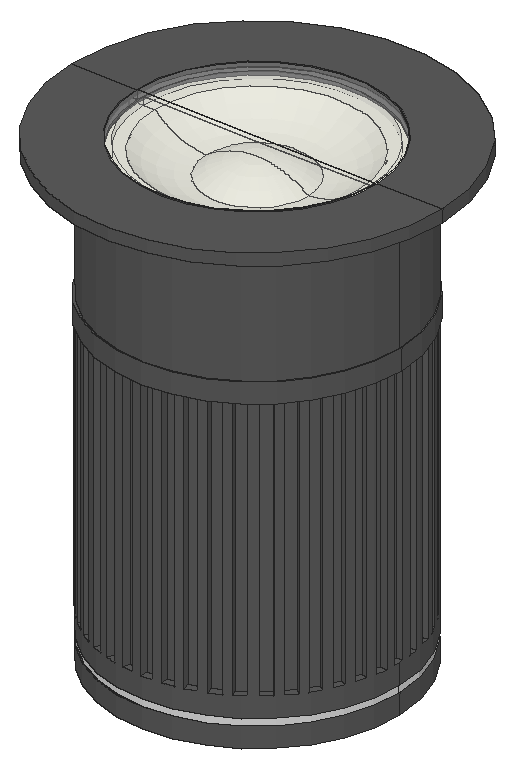
Revit family "STH7706_30", category Luminárias, Revit 2023 (continued)
Automatic sketch dimensions
  Extrusion 2 sketch curve to Extrusion 2 sketch curve = 0.001513 m
  Extrusion 2 sketch curve to Extrusion 2 sketch curve = 0.001473 m
  Extrusion 2 sketch curve to Extrusion 2 sketch curve = 0.001013 m  (x2)
  Extrusion 2 sketch curve to Extrusion 2 sketch curve = 0.001083 m
  Extrusion 2 sketch curve to Extrusion 2 sketch curve = 0.001078 m
  Extrusion 2 sketch curve to Extrusion 2 sketch curve = 0.001157 m
  Extrusion 2 sketch curve to Extrusion 2 sketch curve = 0.00134 m
  Extrusion 2 sketch curve to Extrusion 2 sketch curve = 0.001082 m
  Extrusion 2 sketch curve to Extrusion 2 sketch curve = 0.001292 m
  Extrusion 2 sketch curve to Extrusion 2 sketch curve = 0.000947 m
  Extrusion 2 sketch curve to Extrusion 2 sketch curve = 0.001179 m
  Extrusion 2 sketch curve to Extrusion 2 sketch curve = 0.000866 m
  Extrusion 2 sketch curve to Extrusion 2 sketch curve = 0.001235 m
  Extrusion 2 sketch curve to Extrusion 2 sketch curve = 0.001012 m
  Extrusion 2 sketch curve to Extrusion 2 sketch curve = 0.000792 m
  Extrusion 2 sketch curve to Extrusion 2 sketch curve = 0.000925 m
  Extrusion 2 sketch curve to Extrusion 2 sketch curve = 0.001321 m
  Extrusion 2 sketch curve to Extrusion 2 sketch curve = 0.000703 m
  Extrusion 2 sketch curve to Extrusion 2 sketch curve = 0.000846 m
  Extrusion 2 sketch curve to Extrusion 2 sketch curve = 0.00086 m
  Extrusion 2 sketch curve to Extrusion 2 sketch curve = 0.000622 m
  Extrusion 2 sketch curve to Extrusion 2 sketch curve = 0.000525 m
  Extrusion 2 sketch curve to Extrusion 2 sketch curve = 0.000679 m
  Extrusion 2 sketch curve to Extrusion 2 sketch curve = 0.001438 m
  Extrusion 2 sketch curve to Extrusion 2 sketch curve = 0.00044 m
  Extrusion 2 sketch curve to Extrusion 2 sketch curve = 0.001475 m
  Extrusion 2 sketch curve to Extrusion 2 sketch curve = 0.000338 m
  Extrusion 2 sketch curve to Extrusion 2 sketch curve = 0.000664 m
  Extrusion 2 sketch curve to Extrusion 2 sketch curve = 0.000426 m
  Extrusion 2 sketch curve to Extrusion 2 sketch curve = 0.000362 m
  Extrusion 2 sketch curve to Extrusion 2 sketch curve = 0.000249 m
  Extrusion 2 sketch curve to Extrusion 2 sketch curve = 0.000144 m
  Extrusion 2 sketch curve to Extrusion 2 sketch curve = 0.000165 m
  Extrusion 2 sketch curve to Extrusion 2 sketch curve = 0.000561 m
  Extrusion 2 sketch curve to Extrusion 2 sketch curve = 0.000053 m
  Extrusion 2 sketch curve to Extrusion 2 sketch curve = 0.001527 m
  Extrusion 2 sketch curve to Extrusion 2 sketch curve = 0.001553 m
  Extrusion 2 sketch curve to Extrusion 2 sketch curve = 0.00047 m
  Extrusion 2 sketch curve to Extrusion 2 sketch curve = 0.000361 m
  Extrusion 2 sketch curve to Extrusion 2 sketch curve = 0.001586 m
  Extrusion 2 sketch curve to Extrusion 2 sketch curve = 0.001601 m
  Extrusion 2 sketch curve to Extrusion 2 sketch curve = 0.000266 m
  Extrusion 2 sketch curve to Extrusion 2 sketch curve = 0.000154 m
  Extrusion 2 sketch curve to Extrusion 2 sketch curve = 0.000056 m
  Revolve 3 sketch curve to plane 3 "Centro (Esquerda/Direita)" = 0 m
  Revolve 3 sketch curve to plane 7 = 0.00893 m
  Revolve 3 sketch curve to Revolve 3 sketch curve = 0.002706 m
  plane 9 "Inferior" to Revolve 3 sketch curve = 0.0035 m
  Revolve 3 sketch curve to Revolve 3 sketch curve = 0.0012 m
  Revolve 3 sketch curve to plane 9 "Inferior" = 0.0015 m
  plane 9 "Inferior" to Revolve 3 sketch curve = 0.0085 m
  Revolve 4 sketch curve to plane 3 "Centro (Esquerda/Direita)" = 0 m
  Revolve 4 sketch curve to plane 7 = 0.00893 m
  Revolve 4 sketch curve to Revolve 4 sketch curve = 0.0013 m
  plane 9 "Inferior" to Revolve 4 sketch curve = 0.0035 m
  Revolve 4 sketch curve to Revolve 4 sketch curve = 0.0012 m
  plane 9 "Inferior" to Revolve 4 sketch curve = 0.001506 m
  Revolve 4 sketch curve to Revolve 4 sketch curve = 0.003194 m
  Revolve 6 sketch curve to plane 3 "Centro (Esquerda/Direita)" = 0 m  (x2)
  Revolve 6 sketch curve to plane 8 = 0 m
  Revolve 6 sketch curve to level = 0.0001 m
  Revolve 6 sketch curve to plane 7 = 0.0126 m
  Revolve 6 sketch curve to Revolve 6 sketch curve = 0.001 m
  Revolve 6 sketch curve to plane 7 = 0.01155 m
  level to Revolve 6 sketch curve = 0.0005 m
  Revolve 6 sketch curve to Revolve 6 sketch curve = 0.00135 m
  Revolve 6 sketch curve to Revolve 6 sketch curve = 0.0149 m
  Revolve 6 sketch curve to plane 8 = 0.0008 m
  Revolve 6 sketch curve to level = 0.017536 m
  plane 8 to Revolve 6 sketch curve = 0.001674 m
  Revolve 7 sketch curve to plane 3 "Centro (Esquerda/Direita)" = 0 m  (x2)
  Revolve 7 sketch curve to level = 0 m
  Revolve 7 sketch curve to plane 3 "Centro (Esquerda/Direita)" = 0.000804 m
  Revolve 7 sketch curve to Revolve 7 sketch curve = 0.006 m
  Revolve 7 sketch curve to Revolve 7 sketch curve = 0.0015 m  (x2)
  plane 3 "Centro (Esquerda/Direita)" to Revolve 7 sketch curve = 0.008052 m
  Revolve 7 sketch curve to Revolve 7 sketch curve = 0.00275 m
  Revolve 7 sketch curve to level = 0.0013 m
  Revolve 7 sketch curve to Revolve 7 sketch curve = 0.01175 m
  Revolve 7 sketch curve to Revolve 7 sketch curve = 0.00015 m
  Revolve 7 sketch curve to Revolve 7 sketch curve = 0.0032 m
  Revolve 7 sketch curve to level = 0.008 m
  Revolve 7 sketch curve to Revolve 7 sketch curve = 0.0042 m
  Revolve 7 sketch curve to Revolve 7 sketch curve = 0.0038 m
  Revolve 7 sketch curve to level = 0.001 m
  plane 8 to Revolve 7 sketch curve = 0.007911 m
  Revolve 7 sketch curve to Revolve 7 sketch curve = 0 m
  plane 8 to Revolve 7 sketch curve = 0.00195 m
  Revolve 8 sketch curve to plane 3 "Centro (Esquerda/Direita)" = 0 m  (x2)
  Revolve 8 sketch curve to level = 0 m
  Revolve 8 sketch curve to plane 9 "Inferior" = 0 m
  Revolve 8 sketch curve to plane 7 = 0.0075 m
  Revolve 8 sketch curve to plane 9 "Inferior" = 0.00469 m
  plane 8 to Revolve 8 sketch curve = 0.0057 m
  Revolve 9 sketch curve to plane 8 = 0 m
  Revolve 9 sketch curve to level = 0 m
  Revolve 9 sketch curve to plane 8 = 0.0008 m
  Revolve 9 sketch curve to plane 7 = 0.0114 m
  Revolve 9 sketch curve to Revolve 9 sketch curve = 0.0015 m
  Revolve 9 sketch curve to Revolve 9 sketch curve = 0.0024 m
  Revolve 9 sketch curve to Revolve 9 sketch curve = 0.0075 m
  Revolve 9 sketch curve to level = 0.0222 m
  plane 8 to Revolve 9 sketch curve = 0.005 m
  Revolve 9 sketch curve to Revolve 9 sketch curve = 0.0211 m
  Revolve 9 sketch curve to plane 9 "Inferior" = 0.004728 m
  Revolve 1 sketch curve to plane 3 "Centro (Esquerda/Direita)" = 0 m  (x2)
  Revolve 1 sketch curve to plane 9 "Inferior" = 0 m
  plane 9 "Inferior" to Revolve 1 sketch curve = 0.002698 m
  Revolve 1 sketch curve to plane 7 = 0.01148 m
  Revolve 1 sketch curve to Revolve 1 sketch curve = 0.00398 m
  Revolve 1 sketch curve to level = 0.0257 m
  Revolve 1 sketch curve to plane 9 "Inferior" = 0.004728 m
  plane 8 to Revolve 1 sketch curve = 0.005 m
  Revolve 5 sketch curve to plane 3 "Centro (Esquerda/Direita)" = 0 m
  Revolve 5 sketch curve to plane 7 = 0.01148 m
  Revolve 5 sketch curve to Revolve 5 sketch curve = 0.0043 m
  Revolve 5 sketch curve to level = 0.0257 m
  Revolve 5 sketch curve to Revolve 5 sketch curve = 0.0035 m
  Revolve 5 sketch curve to Revolve 5 sketch curve = 0.002517 m
  Revolve 5 sketch curve to Revolve 5 sketch curve = 0.008615 m
Connectors (m)
  electrical at (0, 0, -0.0799)
    settings: index 1, voltage 0 V, apparent load 0 VA, apparent load phase1 0 VA, apparent load phase2 0 VA, apparent load phase3 0 VA, power factor 1, load classification "Outro", number of poles 1, system type 31, power factor state 1, is connector primary yes, connector utility no, sub classification motor no, connector description ""
